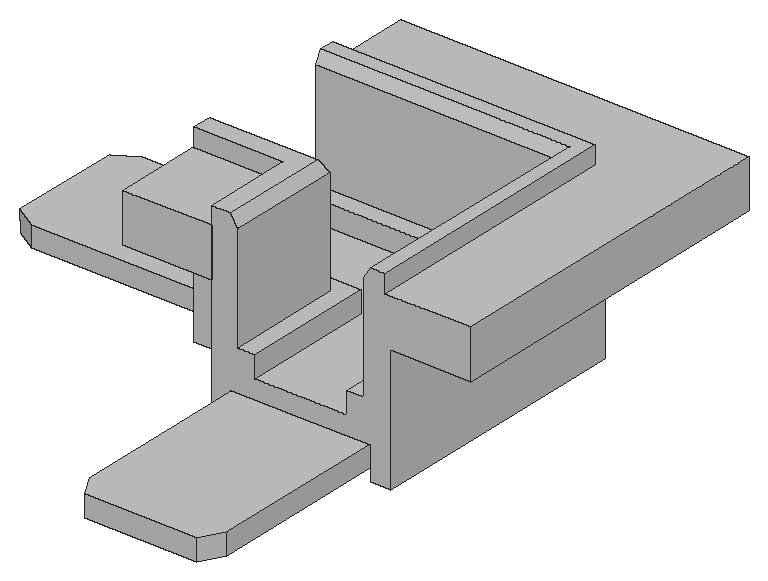
Revit family "cLighting - Luminii - Stenos - Trimless Recessed Track - Corner Joint", category Lighting Fixtures, host Face, Revit 2020
Family settings
  Host = Face
  Round Connector Dimension = Use Diameter
  Part Type = Normal
  OmniClass Number = 23.80.70.11.14.21
  OmniClass Title = Spots and Tracklight Specialties
  Cut with Voids When Loaded = No
  Light Source = No
  Shared = Yes
  Room Calculation Point = No
Parameters (values of type "Stenos Trimless - Corner Joint")
  Width = 1.92"  # constant formula
  Wattage Comments = "N/A"  # constant formula
  Warranty URL = "https://www.luminii.com/terms-conditions/"
  Voltage Comments = "N/A"  # constant formula
  Voltage = 0 V  # constant formula
  Version = "2020 - v1.0a"  # constant formula
  URL = "https://www.luminii.com/"
  Support Phone = "224-699-9545"  # constant formula
  Support Email = "mailto:support@bimsmith.com"
  Product Page URL = "https://www.luminii.com/product/stenos-recessed-trimless-track/"
  Model = "STL"  # constant formula
  Manufacturer Phone Number = "403-216-7043"  # constant formula
  Manufacturer Email = "mailto: info@sensolighting.com"
  Manufacturer Address = "302 50 Ave SE. Calgary, Alberta, T2G 2A9 Canada"  # constant formula
  Manufacturer = "Luminii"  # constant formula
  Length = 1 59/64"  # constant formula
  Lamp = "N/A"  # constant formula
  Keynote = "26 50 00"
  Finish = Metal - Luminii - Silver Anodized Aluminum
  Environment = "Indoor"  # constant formula
  Description = "Recessed Micro Optic Track System"  # constant formula
  Depth = 1 1/8"  # constant formula
  Default Elevation = 0"  # constant formula
  Copyright = "©2023 Luminii"  # constant formula
  built-in parameter 1114216 [instance] = 0  # (empty or 0)
  built-in parameter 1140040 [instance] = 1 = 0  # (empty or 0)
  Assembly Comments [instance] = "Consult Manufacturer Website for more Information"  # constant formula
  Assembly Code = "D5020230"
  Apparent Load = 0 VA  # constant formula
Reference planes (in)
  plane 1 "Center (Front/Back)": y = 0
  plane 2: z = 0
  plane 3 "Center (Left/Right)": x = 0
  plane 4: x = -1
  plane 5: x = 1
  plane 6: y = 1
  plane 7: y = -1
  plane 8 "A": z = 0
  plane 9: z = 3.115
Forms (in)
  Extrusion 1, solid, material "Metal - Luminii - Silver Anodized Aluminum", not visible
    sketch origin (0, 0, 0) x (1, 0, 0) y (0, 1, 0)
      loop
        circle (0, 0) r 0.5
    from 0 to -0.17225
  Extrusion 2, void
    sketch origin (0, 0, 0) x (1, 0, 0) y (0, 1, 0)
      loop
        line (-1, 0.95) -> (-1, -1) -> (0.95, -1) -> (0.95, 0.95) -> (-1, 0.95)
    from -0.977 to 0
Dimensions and locks (in)
  equal spacing: plane 4, plane 3 "Center (Left/Right)", plane 5
  equal spacing: plane 6, plane 1 "Center (Front/Back)", plane 7
  aligned and locked: host face to plane 2
  aligned and locked: plane 3 "Center (Left/Right)" to Extrusion 1 sketch curve
  aligned and locked: plane 1 "Center (Front/Back)" to Extrusion 1 sketch curve
  aligned and locked: plane 2 to Extrusion 1  (x2)
  aligned and locked: plane 1 "Center (Front/Back)" to nested 1
  aligned and locked: plane 3 "Center (Left/Right)" to nested 1
Automatic sketch dimensions
  host sketch curve to host sketch curve = 193.24349"
  host sketch curve to host sketch curve = 99"
  Extrusion 2 sketch curve to plane 4 = 0"
  Extrusion 2 sketch curve to plane 7 = 0"
  Extrusion 2 sketch curve to plane 5 = 0.05"
  Extrusion 2 sketch curve to plane 6 = 0.05"
  radius of Extrusion 1 sketch curve = 1/2"
Nested families (in)
  nested 1: "Nested - Track" at (0, 0, 0), type "Nested - Track"
Connectors (in)
  electrical at (0, 0, 0), driven by "Voltage", driven by "Apparent Load"
    settings: on Extrusion 1, index 1, voltage 0 V, apparent load 0 VA, apparent load phase1 0 VA, apparent load phase2 0 VA, apparent load phase3 0 VA, power factor 1, load classification "Lighting", number of poles 1, system type 30, power factor state 1, is connector primary yes, connector utility no, sub classification motor no, connector description "Do Not Use"
Definition of nested family "Nested - Track"
  Parameters (values of type "Nested - Track")
    Support Count = (roundup((Length - 8") / 18") + 1)  # 1
    Right Cap = yes
    Orientation 2 = not(Orientation 1)  # no
    Orientation 1 = yes
    Length = 1 59/64"
    Left Cap = yes
    Hole Location Option = 1
    Finish = none
    Drywall Thickness = if(Orientation 1, (if(Hole Location Option = 1, 3" / 8, if(Hole Location Option = 2, 1" / 2, if(Hole Location Option = 3, 5" / 8, 3" / 4)))), (if(Hole Location Option = 1, 3" / 4 + 1/8", if(Hole Location Option = 2, 7" / 8 + 1/8", if(Hole Location Option = 3, 1" + 1/8", 1 1/8" + 1/8")))))  # 3/8"
    Default Elevation = 48"
  Reference planes (in)
    plane 1 "Center (Front/Back)": y = 0
    plane 2: z = 0
    plane 3 "Center (Left/Right)": x = 0
    plane 4: x = -0.96094
    plane 5: x = 0.96094
    plane 6: x = 1.08594
    plane 7: x = -1.08594
    plane 8 "A": z = -0.375
    plane 9: x = 3.03906
    plane 10: x = -3.03906
  Forms (in)
    Extrusion 1, solid
      sketch origin (0, 0, 0) x (1, 0, 0) y (0, 1, 0)
        loop
          line (-48, 48) -> (-48, -48) -> (48, -48) -> (48, 48) -> (-48, 48)
      from 0 to -12
    Extrusion 2, solid, material <- "Finish", detail levels medium+fine
      sketch origin (0, 0, -2.74904) x (1, 0, 0) y (0, 1, 0)
        loop
          line (-0.44, 0.385) -> (-2, 0.385) -> (-2.125, 0.31283) -> (-2.125, -0.31283) -> (-2, -0.385) -> (-0.44, -0.385) -> (-0.44, -0.23087)
          arc (-0.44, -0.23087) -> (-0.44515, -0.21124) -> (-0.45926, -0.19667) r 0.04
          arc (-0.45926, -0.19667) -> (-0.57, 0) -> (-0.45926, 0.19667) r 0.23
          arc (-0.45926, 0.19667) -> (-0.44515, 0.21124) -> (-0.44, 0.23087) r 0.04
          line (-0.44, 0.23087) -> (-0.44, 0.385)
        loop
          line (-0.385, -0.44) -> (-0.385, -2) -> (-0.31283, -2.125) -> (0.31283, -2.125) -> (0.385, -2) -> (0.385, -0.44) -> (0.23087, -0.44)
          arc (0.23087, -0.44) -> (0.21124, -0.44515) -> (0.19667, -0.45926) r 0.04
          arc (0.19667, -0.45926) -> (0, -0.57) -> (-0.19667, -0.45926) r 0.23
          arc (-0.19667, -0.45926) -> (-0.21124, -0.44515) -> (-0.23087, -0.44) r 0.04
          line (-0.23087, -0.44) -> (-0.385, -0.44)
      from 1.83993 to 1.95804
    Sweep 3, solid, material <- "Finish"
      path origin (0, 0, -2.74904) x (1, 0, 0) y (0, 1, 0)
        loop
          line (-1, 0) -> (0, 0) -> (0, -1)
      profile origin (-0.5, 0, -2.74904) x (0, 1, 0) y (0, 0, 1)
        loop
          line (-0.39203, 2.84904) -> (-0.5025, 2.84904) -> (-0.5025, 1.77204) -> (-0.3925, 1.77204) -> (-0.3925, 1.95804) -> (0.3925, 1.95804) -> (0.3925, 1.77204) -> (0.5025, 1.77204) -> (0.5025, 2.47404) -> (0.95, 2.47404) -> (0.95, 2.74904) -> (0.47203, 2.74904) -> (0.47203, 2.84904) -> (0.39203, 2.84904) -> (0.3545, 2.78404) -> (0.3545, 2.18608) -> (0.2575, 2.18608) -> (0.2575, 2.06404) -> (-0.2575, 2.06404) -> (-0.2575, 2.18608) -> (-0.3545, 2.18608) -> (-0.3545, 2.78404) -> (-0.39203, 2.84904)
    Extrusion 4, solid, material <- "Finish"
      sketch origin (0, 0, -3.12404) x (0, 1, 0) y (-1, 0, 0)
        loop
          line (-1, 0.5025) -> (-0.5025, 0.5025) -> (-0.5025, 1) -> (-1, 1) -> (-1, 0.5025)
      from 2.84904 to 3.12404
  Dimensions and locks (in)
    equal spacing: plane 4, plane 3 "Center (Left/Right)", plane 5
    "Length": plane 4 to plane 5
    locked: plane 7 to plane 4 at 0.125
    locked: plane 5 to plane 6 at 0.125
    "Drywall Thickness": plane 2 to plane 8 "A"
    locked: plane 10 to plane 5 at 4
    locked: plane 4 to plane 9 at 4
    aligned and locked: plane 2 to Extrusion 1
    aligned and locked: level to Extrusion 1
  Automatic sketch dimensions
    Extrusion 1 sketch curve to Extrusion 1 sketch curve = 96"  (x2)
    plane 1 "Center (Front/Back)" to Extrusion 2 sketch curve = 0"
    Extrusion 2 sketch curve to plane 3 "Center (Left/Right)" = 0"
    Extrusion 2 sketch curve to plane 3 "Center (Left/Right)" = 0.23087"
    Extrusion 2 sketch curve to plane 3 "Center (Left/Right)" = 0.31283"
    Extrusion 2 sketch curve to plane 3 "Center (Left/Right)" = 0.34"
    Extrusion 2 sketch curve to Extrusion 2 sketch curve = 0.15413"  (x3)
    Extrusion 2 sketch curve to Extrusion 2 sketch curve = 0.1"  (x2)
    Extrusion 2 sketch curve to Extrusion 2 sketch curve = 0.055"  (x2)
    Extrusion 2 sketch curve to Extrusion 2 sketch curve = 0.04"  (x4)
    Extrusion 2 sketch curve to plane 1 "Center (Front/Back)" = 0.385"
    Extrusion 2 sketch curve to Extrusion 2 sketch curve = 1.52"  (x2)
    plane 1 "Center (Front/Back)" to Extrusion 2 sketch curve = 0.385"
    Extrusion 2 sketch curve to Extrusion 2 sketch curve = 0"  (x4)
    Extrusion 2 sketch curve to plane 1 "Center (Front/Back)" = 0.31283"
    Extrusion 2 sketch curve to Extrusion 2 sketch curve = 1/8"  (x2)
    plane 3 "Center (Left/Right)" to Extrusion 2 sketch curve = 0.23087"
    plane 3 "Center (Left/Right)" to Extrusion 2 sketch curve = 0.31283"
    Extrusion 2 sketch curve to Extrusion 2 sketch curve = 0.07217"  (x2)
    plane 1 "Center (Front/Back)" to Extrusion 2 sketch curve = 0.44"
    plane 1 "Center (Front/Back)" to Sweep 3 sketch curve = 0"
    Sweep 3 sketch curve to plane 3 "Center (Left/Right)" = 0"
    Sweep 3 sketch curve to Sweep 3 sketch curve = 1"
    plane 1 "Center (Front/Back)" to Sweep 3 sketch curve = 1"
    plane 1 "Center (Front/Back)" to Extrusion 4 sketch curve = 1"
    Extrusion 4 sketch curve to Extrusion 4 sketch curve = 0.4975"  (x2)
    Extrusion 4 sketch curve to plane 3 "Center (Left/Right)" = 0.5025"
    profile plane to Sweep 3 sketch curve = 0.5025"
    Sweep 3 sketch curve to Sweep 3 sketch curve = 0.11"
    Sweep 3 sketch curve to Sweep 3 sketch curve = 0.11047"
    Sweep 3 sketch curve to Sweep 3 sketch curve = 0.03753"  (x2)
    Sweep 3 sketch curve to Sweep 3 sketch curve = 0.097"  (x2)
    Sweep 3 sketch curve to profile plane = 0.2575"
    Sweep 3 sketch curve to Sweep 3 sketch curve = 0.135"
    Sweep 3 sketch curve to Sweep 3 sketch curve = 0.11753"
    Sweep 3 sketch curve to Sweep 3 sketch curve = 0.03047"
    profile plane to Sweep 3 sketch curve = 1.77204"
    Sweep 3 sketch curve to Sweep 3 sketch curve = 0"
    Sweep 3 sketch curve to Sweep 3 sketch curve = 0.186"
    Sweep 3 sketch curve to Sweep 3 sketch curve = 0.106"
    Sweep 3 sketch curve to Sweep 3 sketch curve = 0.12205"  (x2)
    Sweep 3 sketch curve to Sweep 3 sketch curve = 0.28795"
    Sweep 3 sketch curve to Sweep 3 sketch curve = 0.275"
    Sweep 3 sketch curve to Sweep 3 sketch curve = 0.59795"
    Sweep 3 sketch curve to Sweep 3 sketch curve = 0.035"
    Sweep 3 sketch curve to Sweep 3 sketch curve = 0.065"  (x2)
    Sweep 3 sketch curve to Sweep 3 sketch curve = 0.4475"
